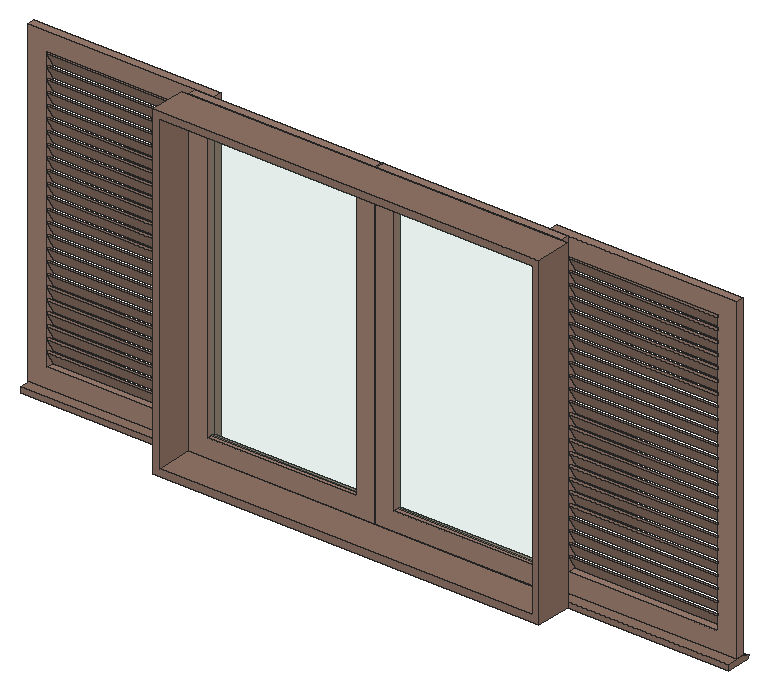
Revit family "Janela de correr com rebaixo_03", category Janelas, Revit 2015
Parameters (values of type "140x120x90")
  Vidro = Vidro, vitrificação transparente
  Rebaixo [instance] = 6.5 cm
  Peitoril externo = Amendoeira
  Nº de venezianas = Altura / 5 cm  # 24
  Largura do caixilho = 7 cm
  Largura da Folha = Largura / 2  # 70 cm
  Espessura do vidro = 0.6 cm
  Espessura do marco = 2.5 cm
  Espessura da folha = 3 cm
  Caixilho = Janela - Caixilho
  Altura = 120 cm
  Altura-padrão do peitoril = 90 cm
  Fechamento da parede = Por hospedeiro
  Largura = 140 cm
Types (3, lengths in cm): name | Largura da Folha | Largura
  (no name) | 70 | 140
  120x120x90 | 60 | 120
  140x120x90 | 70 | 140
Reference planes (cm)
  plane 1 "Centro (Frente/Trás)": y = 0
  plane 2 "Centro (Esquerda/Direita)": x = 0
  plane 3 "Esquerda": x = -70
  plane 4 "Direita": x = 70
  plane 5 "Peitoril": z = 90
  plane 6 "Extremidade superior": z = 210
  plane 7 "Exterior": y = 10.3327
  plane 8 "Interior": y = -9.6673
  plane 9 "Rebaixo": y = 3.8327
  plane 10: x = 63
  plane 11: x = 133
  plane 12: x = -63
  plane 13: x = -133
  plane 14: x = 135.5
  plane 15: x = -135.5
  plane 16: z = 212.5
  plane 17: z = 87.5
  plane 18: x = 72.5
  plane 19: x = -72.5
  plane 20: y = 7.3327
  plane 21: y = 7.0827
  plane 22: y = 4.0827
  plane 23: z = 207.5
  plane 24: x = 0
Forms (cm)
  Extrusion 1, void
    sketch origin (0, 0, 0) x (1, 0, 0) y (0, 1, 0)
      loop
        line (-133, 10.3327) -> (-133, 3.8327) -> (-72.5, 3.8327) -> (-72.5, -9.6673) -> (72.5, -9.6673) -> (72.5, 3.8327) -> (133, 3.8327) -> (133, 10.3327) -> (-133, 10.3327)
    from 87.5 to 210
  Extrusion 2, solid, material "Amendoeira"
    sketch origin (0, -9.6673, 0) x (1, 0, 0) y (0, 0, 1)
      loop
        line (-72.5, 210) -> (-72.5, 87.5) -> (72.5, 87.5) -> (72.5, 210) -> (-72.5, 210)
      loop
        line (-70, 207.5) -> (-70, 90) -> (70, 90) -> (70, 207.5) -> (-70, 207.5)
    from -13.5 to 0
  Extrusion 3, solid, material "Amendoeira"
    sketch origin (-70, 0, 0) x (0, -1, 0) y (0, 0, 1)
      loop
        line (-3.8327, 87.5) -> (-3.8327, 89.5) -> (-10.3327, 89.5) -> (-12.5848, 89.1029)
        arc (-12.5848, 89.1029) -> (-12.7625, 89.0003) -> (-12.8327, 88.8075) r 0.3
        line (-12.8327, 88.8075) -> (-12.8327, 87.5) -> (-12.3327, 87.5)
        arc (-12.3327, 87.5) -> (-11.8327, 88) -> (-11.3327, 87.5) r 0.5
        line (-11.3327, 87.5) -> (-3.8327, 87.5)
    from -203 to 63
  Extrusion 4, solid, material "Amendoeira"
    sketch origin (-70, 0, 0) x (0, -1, 0) y (0, 0, 1)
      loop
        line (-3.8327, 87.5) -> (-3.8327, 89.5) -> (-10.3327, 89.5) -> (-10.3327, 87.5) -> (-3.8327, 87.5)
    from -203 to 63
  Extrusion 5, solid, material "Janela - Caixilho" <- "Caixilho", detail levels medium+fine
    sketch origin (0, 0, 0) x (1, 0, 0) y (0, 1, 0)
      loop
        line (-0.447, 7.0827) -> (0.447, 7.0827)
        arc (0.447, 7.0827) -> (0.3815, 7.2408) -> (0.2235, 7.3062) r 0.2235
        line (0.2235, 7.3062) -> (-0.2235, 7.3062)
        arc (-0.2235, 7.3062) -> (-0.3815, 7.2408) -> (-0.447, 7.0827) r 0.2235
    from 90 to 210
Cuts and joins
  joined: Extrusion 2, Extrusion 3, Extrusion 4
Text (cm)
  text "EXTERIOR" at (-135.4806, 61.299, 0), in view "Nível de referência"
  text "INTERIOR" at (-135.4806, -42.8094, 0), in view "Nível de referência"
  text "Exterior" at (0, 92.3751, 294.3296), in view "Direita"
  text "Exterior" at (0, 104.0484, 268.5409), in view "Esquerda"
Dimensions and locks (cm)
  equal spacing: plane 3 "Esquerda", plane 2 "Centro (Esquerda/Direita)", plane 4 "Direita"
  "Largura": plane 3 "Esquerda" to plane 4 "Direita"
  "Altura": plane 5 "Peitoril" to plane 6 "Extremidade superior"
  "Altura-padrão do peitoril": plane 5 "Peitoril" to level
  locked: plane 7 "Exterior" to host wall at 0
  locked: plane 8 "Interior" to host wall
  "Largura do caixilho": plane 10 to plane 4 "Direita"
  "Largura da Folha": plane 10 to plane 11
  "Largura do caixilho": plane 3 "Esquerda" to plane 12
  "Largura da Folha": plane 12 to plane 13
  "Espessura do marco": plane 11 to plane 14
  "Espessura do marco": plane 6 "Extremidade superior" to plane 16
  "Espessura do marco": plane 17 to plane 5 "Peitoril"
  "Espessura do marco": plane 13 to plane 15
  "Espessura do marco": plane 19 to plane 3 "Esquerda"
  "Espessura do marco": plane 4 "Direita" to plane 18
  "Espessura da folha": plane 20 to plane 7 "Exterior"
  locked: plane 20 to plane 21 at 0.25
  "Espessura da folha": plane 21 to plane 22
  locked: plane 22 to plane 9 "Rebaixo" at 0.25
  "Rebaixo": plane 9 "Rebaixo" to plane 7 "Exterior"
  "Espessura do marco": plane 23 to plane 6 "Extremidade superior"
  aligned and locked: Extrusion 1 sketch curve to plane 7 "Exterior"
  aligned and locked: Extrusion 1 sketch curve to plane 9 "Rebaixo"  (x2)
  aligned and locked: plane 19 to Extrusion 1 sketch curve
  aligned and locked: plane 8 "Interior" to Extrusion 1 sketch curve
  aligned and locked: Extrusion 1 sketch curve to plane 18
  aligned and locked: plane 17 to Extrusion 1
  aligned and locked: Extrusion 1 sketch curve to plane 13
  aligned and locked: Extrusion 1 sketch curve to plane 11
  aligned and locked: Extrusion 1 to plane 6 "Extremidade superior"
  aligned and locked: plane 6 "Extremidade superior" to Extrusion 2 sketch curve
  aligned and locked: Extrusion 2 sketch curve to plane 19
  aligned and locked: Extrusion 2 sketch curve to plane 17
  aligned and locked: plane 18 to Extrusion 2 sketch curve
  aligned and locked: Extrusion 2 sketch curve to plane 23
  aligned and locked: Extrusion 2 sketch curve to plane 3 "Esquerda"
  aligned and locked: Extrusion 2 sketch curve to plane 5 "Peitoril"
  aligned and locked: plane 4 "Direita" to Extrusion 2 sketch curve
  aligned and locked: plane 9 "Rebaixo" to Extrusion 2
  aligned and locked: plane 8 "Interior" to Extrusion 2
  aligned and locked: Extrusion 3 sketch curve to plane 17  (x2)
  aligned and locked: Extrusion 3 sketch curve to plane 9 "Rebaixo"
  aligned and locked: plane 7 "Exterior" to Extrusion 3 sketch curve
  aligned and locked: Extrusion 3 to plane 13
  aligned and locked: Extrusion 3 to plane 11
  aligned and locked: Extrusion 4 sketch curve to plane 9 "Rebaixo"
  aligned and locked: Extrusion 4 sketch curve to plane 17
  aligned and locked: Extrusion 4 sketch curve to plane 7 "Exterior"
  aligned and locked: Extrusion 4 to plane 13
  aligned and locked: Extrusion 4 to plane 11
  aligned and locked: nested 1 to plane 22
  aligned and locked: plane 3 "Esquerda" to nested 1
  aligned and locked: nested 3 to plane 4 "Direita"
  aligned and locked: nested 3 to plane 22
  aligned and locked: nested 2 to plane 13
  aligned and locked: plane 7 "Exterior" to nested 2
  aligned and locked: nested 4 to plane 7 "Exterior"
  aligned and locked: nested 4 to plane 11
  aligned and locked: plane 5 "Peitoril" to nested 2
  aligned and locked: plane 5 "Peitoril" to nested 1
  aligned and locked: nested 3 to plane 5 "Peitoril"
  aligned and locked: nested 4 to plane 5 "Peitoril"
  aligned and locked: Extrusion 5 sketch curve to plane 21
  aligned and locked: plane 24 to plane 2 "Centro (Esquerda/Direita)"
  aligned and locked: Extrusion 5 to plane 6 "Extremidade superior"
  aligned and locked: plane 5 "Peitoril" to Extrusion 5
Automatic sketch dimensions
  host wall to Extrusion 3 sketch curve = 1.5 cm
  Extrusion 3 sketch curve to Extrusion 3 sketch curve = 0.7 cm
  plane 5 "Peitoril" to Extrusion 3 sketch curve = 0.8971 cm
  Extrusion 3 sketch curve to Extrusion 3 sketch curve = 0.0521 cm
  Extrusion 3 sketch curve to Extrusion 3 sketch curve = 1 cm
  plane 5 "Peitoril" to Extrusion 3 sketch curve = 0.5 cm
  Extrusion 3 sketch curve to Extrusion 3 sketch curve = 0.5 cm
  plane 5 "Peitoril" to Extrusion 4 sketch curve = 0.5 cm
  plane 2 "Centro (Esquerda/Direita)" to Extrusion 5 sketch curve = 0.2235 cm
  Extrusion 5 sketch curve to plane 2 "Centro (Esquerda/Direita)" = 0.2235 cm
  Extrusion 5 sketch curve to Extrusion 5 sketch curve = 0.2235 cm
Nested families (cm)
  nested 1: "Folha_Vidro" at (-35.5, 5.5827, 151), type "Folha_Vidro"
  nested 2: "Folha_Veneziana" at (-98.5, 8.8327, 150), type "Folha_Veneziana"
  nested 3: "Folha_Vidro" at (35.5, 5.5827, 151) x (-1, 0, 0) z (0, 0, 1), type "Folha_Vidro"
  nested 4: "Folha_Veneziana" at (98.5, 8.8327, 150) x (-1, 0, 0) z (0, 0, 1), type "Folha_Veneziana"
Definition of nested family "Folha_Vidro"
  Parameters (values of type "Folha_Vidro")
    Width = 70 cm
    Espessura do vidro = 0.6 cm
    Analytic Construction = "<Nenhum>"
    Type Comments = ""
    Rough Width = 0 cm
    Rough Height = 0 cm
    Espessura da folha = 3 cm
    Largura do caixilho = 7 cm
    Caixilho = none
    Manufacturer = "Marco Rocha"
    Vidro = none
    Height = 120 cm
    Assembly Code = ""
  Reference planes (cm)
    plane 1 "Center (Front/Back)": y = 0
    plane 2: z = -1
    plane 3 "Center (Left/Right)": x = 0.5
    plane 4: y = 1.5
    plane 5: y = -1.5
    plane 6: y = 0
    plane 7: z = -61
    plane 8: z = 59
    plane 9: z = 52
    plane 10: z = -54
    plane 11: x = 28.5
    plane 12: x = -27.5
    plane 13: x = -34.5
    plane 14: x = 35.5
    plane 15: y = 0.3
    plane 16: y = -0.3
  Forms (cm)
    Extrusion 1, solid, material <- "Caixilho"
      sketch origin (0, 0, -140) x (1, 0, 0) y (0, 0, 1)
        loop
          line (-34.5, 199) -> (-34.5, 79) -> (35.5, 79) -> (35.5, 199) -> (-34.5, 199)
        loop
          line (-27.5, 192) -> (-27.5, 86) -> (28.5, 86) -> (28.5, 192) -> (-27.5, 192)
      from -1.5 to 1.5
    Extrusion 2, solid, material <- "Vidro"
      sketch origin (0, 0, 0) x (1, 0, 0) y (0, 0, 1)
        loop
          line (-27.5, 52) -> (-27.5, -54) -> (28.5, -54) -> (28.5, 52) -> (-27.5, 52)
      from -0.3 to 0.3
  Lines and regions (cm)
    symbolic lines
      curve 1: line (-27.5, 0, 0) -> (28.5, 0, 0)
      curve 2: line (-27.5, 1.5, 0) -> (-27.5, -1.5, 0)
      curve 3: line (28.5, 1.5, 0) -> (28.5, -1.5, 0)
      curve 4: line (-34.5, 1.5, 0) -> (-27.5, 1.5, 0)
      curve 5: line (-34.5, -1.5, 0) -> (-27.5, -1.5, 0)
      curve 6: line (28.5, -1.5, 0) -> (35.5, -1.5, 0)
      curve 7: line (28.5, 1.5, 0) -> (35.5, 1.5, 0)
      curve 8: line (-34.5, 1.5, 0) -> (-34.5, -1.5, 0)
      curve 9: line (35.5, 1.5, 0) -> (35.5, -1.5, 0)
      curve 10: line (-27.5, 1.5, 0) -> (28.5, 1.5, 0)
      curve 11: line (-27.5, -1.5, 0) -> (28.5, -1.5, 0)
      curve 12: line (0.5, 0, 52) -> (0.5, 0, -54)
  Dimensions and locks (cm)
    equal spacing: plane 4, plane 6, plane 5
    "Espessura da folha": plane 4 to plane 5
    "Largura do caixilho": plane 8 to plane 9
    "Largura do caixilho": plane 10 to plane 7
    "Height": plane 8 to plane 7
    equal spacing: plane 11, plane 3 "Center (Left/Right)", plane 12
    "Largura do caixilho": plane 12 to plane 13
    "Largura do caixilho": plane 11 to plane 14
    "Width": plane 14 to plane 13
    equal spacing: plane 9, plane 2, plane 10
    equal spacing: plane 15, plane 6, plane 16
    "Espessura do vidro": plane 15 to plane 16
    aligned and locked: plane 13 to Extrusion 1 sketch curve
    aligned and locked: plane 12 to Extrusion 1 sketch curve
    aligned and locked: plane 7 to Extrusion 1 sketch curve
    aligned and locked: plane 10 to Extrusion 1 sketch curve
    aligned and locked: Extrusion 1 sketch curve to plane 14
    aligned and locked: plane 11 to Extrusion 1 sketch curve
    aligned and locked: Extrusion 1 sketch curve to plane 8
    aligned and locked: Extrusion 1 sketch curve to plane 9
    aligned and locked: plane 10 to Extrusion 1
    aligned and locked: Extrusion 2 sketch curve to plane 9
    aligned and locked: plane 12 to Extrusion 2 sketch curve
    aligned and locked: plane 10 to Extrusion 2 sketch curve
    aligned and locked: plane 11 to Extrusion 2 sketch curve
    aligned and locked: plane 15 to Extrusion 2
    aligned and locked: plane 16 to Extrusion 2
    aligned and locked: plane 4 to Extrusion 1
    aligned and locked: Extrusion 1 to plane 5
    aligned and locked: plane 12 to curve 1
    aligned and locked: curve 1 to plane 6
    aligned and locked: plane 4 to curve 2
    aligned and locked: plane 5 to curve 2
    aligned and locked: plane 12 to Extrusion 1
    aligned and locked: curve 3 to Extrusion 1
    aligned and locked: plane 11 to Extrusion 1
    aligned and locked: plane 4 to curve 3
    aligned and locked: plane 11 to curve 6
    aligned and locked: plane 14 to curve 6
    aligned and locked: curve 6 to plane 5
    aligned and locked: plane 14 to curve 7
    aligned and locked: plane 13 to curve 4
    aligned and locked: plane 12 to curve 4
    aligned and locked: plane 13 to curve 5
    aligned and locked: curve 5 to plane 5
    aligned and locked: curve 4 to plane 4
  Automatic sketch dimensions
    curve 12 to plane 1 "Center (Front/Back)" = 0 cm
    curve 12 to plane 10 = 0 cm
    curve 12 to plane 9 = 0 cm
Definition of nested family "Folha_Veneziana"
  Parameters (values of type "Folha_Veneziana")
    Largura das persianas = Width - 2 * (Largura do caixilho)  # 56 cm
    Largura da veneziana [instance] = 56 cm
    Width = 70 cm
    Analytic Construction = "<Nenhum>"
    Type Comments = ""
    Rough Width = 0 cm
    Caixilho = none
    Rough Height = 0 cm
    Espessura da veneziana = 3 cm
    Largura do caixilho = 7 cm
    Número de Venezianas = 24
    Manufacturer = "Marco Rocha"
    Veneziana = none
    Height = 120 cm
    Assembly Code = ""
  Reference planes (cm)
    plane 1 "Center (Front/Back)": y = 0
    plane 2: z = 0
    plane 3 "Center (Left/Right)": x = 0.5
    plane 4: y = 1.5
    plane 5: y = -1.5
    plane 6: y = 0
    plane 7: z = -60
    plane 8: z = 60
    plane 9: z = 53
    plane 10: z = -53
    plane 11: x = 28.5
    plane 12: x = -27.5
    plane 13: x = -34.5
    plane 14: x = 35.5
  Forms (cm)
    Extrusion 1, solid, material <- "Caixilho"
      sketch origin (0, 0, -140) x (1, 0, 0) y (0, 0, 1)
        loop
          line (-34.5, 200) -> (-34.5, 80) -> (35.5, 80) -> (35.5, 200) -> (-34.5, 200)
        loop
          line (-27.5, 193) -> (-27.5, 87) -> (28.5, 87) -> (28.5, 193) -> (-27.5, 193)
      from -1.5 to 1.5
  Lines and regions (cm)
    Masking region 1, detail levels medium+fine
      outline origin (0, 0, 0) x (1, 0, 0) y (0, 1, 0)
        loop
          line (-34.5, 1.5) -> (-34.5, -1.5) -> (-27.5, -1.5) -> (-27.5, 1.5) -> (-34.5, 1.5)
    Masking region 2, detail levels medium+fine
      outline origin (1, 0, 0) x (0, 1, 0) y (-1, 0, 0)
        loop
          line (1.5, -34.5) -> (1.5, -27.5) -> (-1.5, -27.5) -> (-1.5, -34.5) -> (1.5, -34.5)
    Masking region 3, detail levels coarse
      outline origin (0, 0, 0) x (1, 0, 0) y (0, 1, 0)
        loop
          line (-34.5, 1.5) -> (-34.5, -1.5) -> (35.5, -1.5) -> (35.5, 1.5) -> (-34.5, 1.5)
    Masking region 4, detail levels coarse
      outline origin (0.5, 0, 0) x (0, 1, 0) y (0, 0, 1)
        loop
          line (1.5, 60) -> (-1.5, 60) -> (-1.5, -60) -> (1.5, -60) -> (1.5, 60)
    symbolic lines, detail levels medium+fine
      curve 1: line (-27.5, 1.5, 0) -> (28.5, 1.5, 0)
      curve 2: line (-27.5, -1.5, 0) -> (28.5, -1.5, 0)
      curve 5: line (0.5, -1.5, 53) -> (0.5, 1.5, 48)
      curve 6: line (0.5, -1.5, -47.2225) -> (0.5, 1.5, -52.2225)
      curve 7: line (0.5, -1.5, 48.6425) -> (0.5, 1.5, 43.6425)
      curve 8: line (0.5, -1.5, 44.285) -> (0.5, 1.5, 39.285)
      curve 9: line (0.5, -1.5, 39.9275) -> (0.5, 1.5, 34.9275)
      curve 10: line (0.5, -1.5, 35.57) -> (0.5, 1.5, 30.57)
      curve 11: line (0.5, -1.5, 31.2125) -> (0.5, 1.5, 26.2125)
      curve 12: line (0.5, -1.5, 26.855) -> (0.5, 1.5, 21.855)
      curve 13: line (0.5, -1.5, 22.4975) -> (0.5, 1.5, 17.4975)
      curve 14: line (0.5, -1.5, 18.14) -> (0.5, 1.5, 13.14)
      curve 15: line (0.5, -1.5, 13.7825) -> (0.5, 1.5, 8.7825)
      curve 16: line (0.5, -1.5, 9.425) -> (0.5, 1.5, 4.425)
      curve 17: line (0.5, -1.5, 5.0675) -> (0.5, 1.5, 0.0675)
      curve 18: line (0.5, -1.5, 0.71) -> (0.5, 1.5, -4.29)
      curve 19: line (0.5, -1.5, -3.6475) -> (0.5, 1.5, -8.6475)
      curve 20: line (0.5, -1.5, -8.005) -> (0.5, 1.5, -13.005)
      curve 21: line (0.5, -1.5, -12.3625) -> (0.5, 1.5, -17.3625)
      curve 22: line (0.5, -1.5, -16.72) -> (0.5, 1.5, -21.72)
      curve 23: line (0.5, -1.5, -21.0775) -> (0.5, 1.5, -26.0775)
      curve 24: line (0.5, -1.5, -25.435) -> (0.5, 1.5, -30.435)
      curve 25: line (0.5, -1.5, -29.7925) -> (0.5, 1.5, -34.7925)
      curve 26: line (0.5, -1.5, -34.15) -> (0.5, 1.5, -39.15)
      curve 27: line (0.5, -1.5, -38.5075) -> (0.5, 1.5, -43.5075)
      curve 28: line (0.5, -1.5, -42.865) -> (0.5, 1.5, -47.865)
      curve 29: line (0.5, -1.5, 52.2225) -> (0.5, 1.5, 47.2225)
      curve 30: line (0.5, -1.5, -48) -> (0.5, 1.5, -53)
      curve 31: line (0.5, -1.5, 47.865) -> (0.5, 1.5, 42.865)
      curve 32: line (0.5, -1.5, 43.5075) -> (0.5, 1.5, 38.5075)
      curve 33: line (0.5, -1.5, 39.15) -> (0.5, 1.5, 34.15)
      curve 34: line (0.5, -1.5, 34.7925) -> (0.5, 1.5, 29.7925)
      curve 35: line (0.5, -1.5, 30.435) -> (0.5, 1.5, 25.435)
      curve 36: line (0.5, -1.5, 26.0775) -> (0.5, 1.5, 21.0775)
      curve 37: line (0.5, -1.5, 21.72) -> (0.5, 1.5, 16.72)
      curve 38: line (0.5, -1.5, 17.3625) -> (0.5, 1.5, 12.3625)
      curve 39: line (0.5, -1.5, 13.005) -> (0.5, 1.5, 8.005)
      curve 40: line (0.5, -1.5, 8.6475) -> (0.5, 1.5, 3.6475)
      curve 41: line (0.5, -1.5, 4.29) -> (0.5, 1.5, -0.71)
      curve 42: line (0.5, -1.5, -0.0675) -> (0.5, 1.5, -5.0675)
      curve 43: line (0.5, -1.5, -4.425) -> (0.5, 1.5, -9.425)
      curve 44: line (0.5, -1.5, -8.7825) -> (0.5, 1.5, -13.7825)
      curve 45: line (0.5, -1.5, -13.14) -> (0.5, 1.5, -18.14)
      curve 46: line (0.5, -1.5, -17.4975) -> (0.5, 1.5, -22.4975)
      curve 47: line (0.5, -1.5, -21.855) -> (0.5, 1.5, -26.855)
      curve 48: line (0.5, -1.5, -26.2125) -> (0.5, 1.5, -31.2125)
      curve 49: line (0.5, -1.5, -30.57) -> (0.5, 1.5, -35.57)
      curve 50: line (0.5, -1.5, -34.9275) -> (0.5, 1.5, -39.9275)
      curve 51: line (0.5, -1.5, -39.285) -> (0.5, 1.5, -44.285)
      curve 52: line (0.5, -1.5, -43.6425) -> (0.5, 1.5, -48.6425)
    symbolic lines
      curve 3: line (0.5, 1.5, 53) -> (0.5, -1.5, 53)
      curve 4: line (0.5, 1.5, -53) -> (0.5, -1.5, -53)
  Dimensions and locks (cm)
    equal spacing: plane 4, plane 6, plane 5
    "Espessura da veneziana": plane 4 to plane 5
    "Largura do caixilho": plane 8 to plane 9
    "Largura do caixilho": plane 10 to plane 7
    "Height": plane 8 to plane 7
    equal spacing: plane 11, plane 3 "Center (Left/Right)", plane 12
    "Largura do caixilho": plane 12 to plane 13
    "Largura do caixilho": plane 11 to plane 14
    "Width": plane 14 to plane 13
    equal spacing: plane 9, plane 2, plane 10
    "Largura da veneziana": plane 12 to plane 11
    equal spacing: group 1, group 3, group 4, group 5, group 6, group 7, group 8, group 9, group 10, group 11, group 12, group 13, group 14, group 15, group 16, group 17, group 18, group 19, group 20, group 21, group 22, group 23, group 24, group 2  (x2)
    equal spacing: group 2, group 24, group 23, group 22, group 21, group 20, group 19, group 18, group 17, group 16, group 15, group 14, group 13, group 12, group 11, group 10, group 9, group 8, group 7, group 6, group 5, group 4, group 3, group 1
    aligned and locked: plane 13 to Extrusion 1 sketch curve
    aligned and locked: plane 12 to Extrusion 1 sketch curve
    aligned and locked: plane 7 to Extrusion 1 sketch curve
    aligned and locked: plane 10 to Extrusion 1 sketch curve
    aligned and locked: Extrusion 1 sketch curve to plane 14
    aligned and locked: plane 11 to Extrusion 1 sketch curve
    aligned and locked: Extrusion 1 sketch curve to plane 8
    aligned and locked: Extrusion 1 sketch curve to plane 9
    aligned and locked: plane 10 to Extrusion 1
    aligned and locked: plane 9 to nested 1
    aligned and locked: plane 4 to Extrusion 1
    aligned and locked: Extrusion 1 to plane 5
    aligned and locked: nested 1 to plane 6
    aligned and locked: plane 6 to plane 1 "Center (Front/Back)"
    aligned and locked: nested 1 to plane 3 "Center (Left/Right)"
    aligned and locked: plane 10 to nested 2
    aligned and locked: Masking region 1 sketch curve to plane 4
    aligned and locked: plane 13 to Masking region 1 sketch curve
    aligned and locked: plane 5 to Masking region 1 sketch curve
    aligned and locked: Masking region 1 sketch curve to plane 12
    aligned and locked: plane 11 to Masking region 2 sketch curve
    aligned and locked: plane 4 to Masking region 2 sketch curve
    aligned and locked: plane 14 to Masking region 2 sketch curve
    aligned and locked: Masking region 2 sketch curve to plane 5
    aligned and locked: plane 12 to curve 1
    aligned and locked: plane 11 to curve 1
    aligned and locked: curve 1 to plane 4
    aligned and locked: plane 12 to curve 2
    aligned and locked: plane 11 to curve 2
    aligned and locked: curve 2 to plane 5
    aligned and locked: Masking region 3 sketch curve to plane 4
    aligned and locked: plane 13 to Masking region 3 sketch curve
    aligned and locked: plane 5 to Masking region 3 sketch curve
    aligned and locked: Masking region 3 sketch curve to plane 14
    aligned and locked: Masking region 4 sketch curve to plane 4
    aligned and locked: Masking region 4 sketch curve to plane 8
    aligned and locked: plane 7 to Masking region 4 sketch curve
    aligned and locked: plane 4 to curve 3
    aligned and locked: plane 5 to curve 3
    aligned and locked: curve 3 to plane 9
    aligned and locked: curve 4 to plane 10
  Automatic sketch dimensions
    Masking region 4 sketch curve to plane 5 = 0 cm
    curve 4 to plane 5 = 0 cm
    curve 4 to plane 4 = 0 cm
    curve 5 to curve 29 = 0 cm  (x2)
    curve 29 to curve 29 = 3 cm
    curve 29 to curve 5 = 0.7775 cm  (x2)
    curve 5 to curve 29 = 4.2225 cm
    curve 6 to curve 30 = 0 cm  (x2)
    curve 30 to curve 30 = 3 cm
    curve 30 to curve 6 = 0.7775 cm  (x2)
    curve 6 to curve 30 = 4.2225 cm
    curve 7 to curve 31 = 0 cm  (x2)
    curve 31 to curve 31 = 3 cm
    curve 31 to curve 7 = 0.7775 cm  (x2)
    curve 7 to curve 31 = 4.2225 cm
    curve 8 to curve 32 = 0 cm  (x2)
    curve 32 to curve 32 = 3 cm
    curve 32 to curve 8 = 0.7775 cm  (x2)
    curve 8 to curve 32 = 4.2225 cm
    curve 9 to curve 33 = 0 cm  (x2)
    curve 33 to curve 33 = 3 cm
    curve 33 to curve 9 = 0.7775 cm  (x2)
    curve 9 to curve 33 = 4.2225 cm
    curve 10 to curve 34 = 0 cm  (x2)
    curve 34 to curve 34 = 3 cm
    curve 34 to curve 10 = 0.7775 cm  (x2)
    curve 10 to curve 34 = 4.2225 cm
    curve 11 to curve 35 = 0 cm  (x2)
    curve 35 to curve 35 = 3 cm
    curve 35 to curve 11 = 0.7775 cm  (x2)
    curve 11 to curve 35 = 4.2225 cm
    curve 12 to curve 36 = 0 cm  (x2)
    curve 36 to curve 36 = 3 cm
    curve 36 to curve 12 = 0.7775 cm  (x2)
    curve 12 to curve 36 = 4.2225 cm
    curve 13 to curve 37 = 0 cm  (x2)
    curve 37 to curve 37 = 3 cm
    curve 37 to curve 13 = 0.7775 cm  (x2)
    curve 13 to curve 37 = 4.2225 cm
    curve 14 to curve 38 = 0 cm  (x2)
    curve 38 to curve 38 = 3 cm
    curve 38 to curve 14 = 0.7775 cm  (x2)
    curve 14 to curve 38 = 4.2225 cm
    curve 15 to curve 39 = 0 cm  (x2)
    curve 39 to curve 39 = 3 cm
    curve 39 to curve 15 = 0.7775 cm  (x2)
    curve 15 to curve 39 = 4.2225 cm
    curve 16 to curve 40 = 0 cm  (x2)
    curve 40 to curve 40 = 3 cm
    curve 40 to curve 16 = 0.7775 cm  (x2)
    curve 16 to curve 40 = 4.2225 cm
    curve 17 to curve 41 = 0 cm  (x2)
    curve 41 to curve 41 = 3 cm
    curve 41 to curve 17 = 0.7775 cm  (x2)
    curve 17 to curve 41 = 4.2225 cm
    curve 18 to curve 42 = 0 cm  (x2)
    curve 42 to curve 42 = 3 cm
    curve 42 to curve 18 = 0.7775 cm  (x2)
    curve 18 to curve 42 = 4.2225 cm
    curve 19 to curve 43 = 0 cm  (x2)
    curve 43 to curve 43 = 3 cm
    curve 43 to curve 19 = 0.7775 cm  (x2)
    curve 19 to curve 43 = 4.2225 cm
    curve 20 to curve 44 = 0 cm  (x2)
    curve 44 to curve 44 = 3 cm
    curve 44 to curve 20 = 0.7775 cm  (x2)
    curve 20 to curve 44 = 4.2225 cm
    curve 21 to curve 45 = 0 cm  (x2)
    curve 45 to curve 45 = 3 cm
    curve 45 to curve 21 = 0.7775 cm  (x2)
    curve 21 to curve 45 = 4.2225 cm
    curve 22 to curve 46 = 0 cm  (x2)
    curve 46 to curve 46 = 3 cm
    curve 46 to curve 22 = 0.7775 cm  (x2)
    curve 22 to curve 46 = 4.2225 cm
    curve 23 to curve 47 = 0 cm  (x2)
    curve 47 to curve 47 = 3 cm
    curve 47 to curve 23 = 0.7775 cm  (x2)
    curve 23 to curve 47 = 4.2225 cm
    curve 24 to curve 48 = 0 cm  (x2)
    curve 48 to curve 48 = 3 cm
    curve 48 to curve 24 = 0.7775 cm  (x2)
    curve 24 to curve 48 = 4.2225 cm
    curve 25 to curve 49 = 0 cm  (x2)
    curve 49 to curve 49 = 3 cm
    curve 49 to curve 25 = 0.7775 cm  (x2)
    curve 25 to curve 49 = 4.2225 cm
    curve 26 to curve 50 = 0 cm  (x2)
    curve 50 to curve 50 = 3 cm
    curve 50 to curve 26 = 0.7775 cm  (x2)
    curve 26 to curve 50 = 4.2225 cm
    curve 27 to curve 51 = 0 cm  (x2)
    curve 51 to curve 51 = 3 cm
    curve 51 to curve 27 = 0.7775 cm  (x2)
    curve 27 to curve 51 = 4.2225 cm
    curve 28 to curve 52 = 0 cm  (x2)
    curve 52 to curve 52 = 3 cm
    curve 52 to curve 28 = 0.7775 cm  (x2)
    curve 28 to curve 52 = 4.2225 cm
  Nested families (cm)
    nested 1: "Persiana" at (88, 0, 48), type "Persiana"
    nested 2: "Persiana" at (88, 0, -52.2225), type "Persiana"
    nested 3: "Persiana" at (88, 0, 43.6425), type "Persiana"
    nested 4: "Persiana" at (88, 0, 39.285), type "Persiana"
    nested 5: "Persiana" at (88, 0, 34.9275), type "Persiana"
    nested 6: "Persiana" at (88, 0, 30.57), type "Persiana"
    nested 7: "Persiana" at (88, 0, 26.2125), type "Persiana"
    nested 8: "Persiana" at (88, 0, 21.855), type "Persiana"
    nested 9: "Persiana" at (88, 0, 17.4975), type "Persiana"
    nested 10: "Persiana" at (88, 0, 13.14), type "Persiana"
    nested 11: "Persiana" at (88, 0, 8.7825), type "Persiana"
    nested 12: "Persiana" at (88, 0, 4.425), type "Persiana"
    nested 13: "Persiana" at (88, 0, 0.0675), type "Persiana"
    nested 14: "Persiana" at (88, 0, -4.29), type "Persiana"
    nested 15: "Persiana" at (88, 0, -8.6475), type "Persiana"
    nested 16: "Persiana" at (88, 0, -13.005), type "Persiana"
    nested 17: "Persiana" at (88, 0, -17.3625), type "Persiana"
    nested 18: "Persiana" at (88, 0, -21.72), type "Persiana"
    nested 19: "Persiana" at (88, 0, -26.0775), type "Persiana"
    nested 20: "Persiana" at (88, 0, -30.435), type "Persiana"
    nested 21: "Persiana" at (88, 0, -34.7925), type "Persiana"
    nested 22: "Persiana" at (88, 0, -39.15), type "Persiana"
    nested 23: "Persiana" at (88, 0, -43.5075), type "Persiana"
    nested 24: "Persiana" at (88, 0, -47.865), type "Persiana"
  Definition of nested family "Persiana"
    Parameters (values of type "Persiana")
      Width = 56 cm
      Espessura da persiana = 3 cm
      Analytic Construction = "<Nenhum>"
      Type Comments = "100% Parametrica"
      Manufacturer = "CESARITA"
      Persiana = none
      Height = 5 cm
      Assembly Code = ""
    Reference planes (cm)
      plane 1 "Center (Front/Back)": y = 0
      plane 2: z = 0
      plane 3 "Center (Left/Right)": x = -87.5
      plane 4: y = 1.5
      plane 5: y = -1.5
      plane 6 "Esquerda - Lamela": x = -115.5
      plane 7 "Direita - Lamela": x = -59.5
      plane 8: z = 5
      plane 9: x = -87.5
    Forms (cm)
      Extrusion 1, solid, material <- "Persiana"
        sketch origin (-87.5, 0, 0) x (0, 1, 0) y (0, 0, 1)
          loop
            line (-1.5, 5) -> (-1.5, 4.2225) -> (1.5, -0.7775) -> (1.5, 0) -> (-1.5, 5)
        from -28 to 28
    Dimensions and locks (cm)
      "Width": plane 7 "Direita - Lamela" to plane 6 "Esquerda - Lamela"
      equal spacing: plane 7 "Direita - Lamela", plane 3 "Center (Left/Right)", plane 6 "Esquerda - Lamela"
      "Height": plane 8 to level
      equal spacing: plane 6 "Esquerda - Lamela", plane 9, plane 7 "Direita - Lamela"
      plane 6 "Esquerda - Lamela" to plane 7 "Direita - Lamela" = 56 cm
      equal spacing: plane 4, plane 1 "Center (Front/Back)", plane 5
      "Espessura da persiana": plane 4 to plane 5
      aligned and locked: plane 7 "Direita - Lamela" to Extrusion 1
      aligned and locked: Extrusion 1 to plane 6 "Esquerda - Lamela"
      aligned and locked: plane 5 to Extrusion 1 sketch curve
      aligned and locked: plane 4 to Extrusion 1 sketch curve
      aligned and locked: level to Extrusion 1 sketch curve
    Automatic sketch dimensions
      Extrusion 1 sketch curve to Extrusion 1 sketch curve = 0.7775 cm  (x2)
      Extrusion 1 sketch curve to plane 8 = 0 cm
